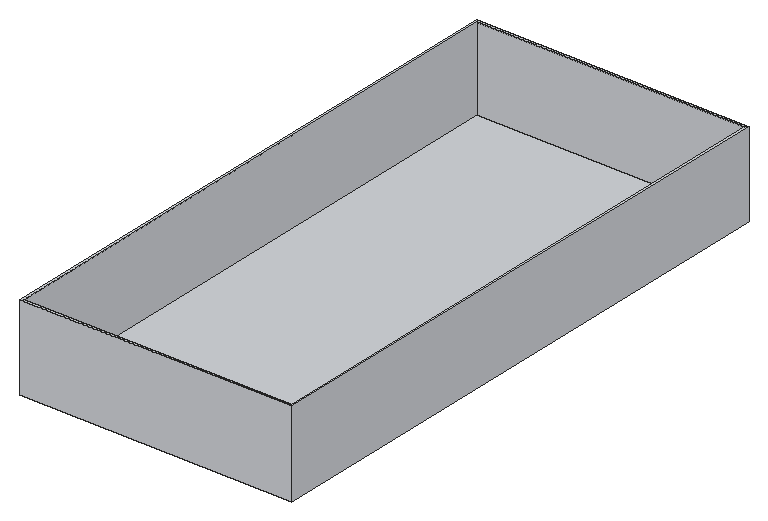
Revit family "Hager-VOLTA-Surface_mounted-IP30-Without_Cover-Without_DIN-Hosted-CH-it", category Electrical Equipment, host Face, Revit 2023
Family settings
  Host = Face
  Panel Configuration = Two Columns, Circuits Across
  Round Connector Dimension = Use Diameter
  Part Type = Panelboard
  Cut with Voids When Loaded = No
  Maintain Annotation Orientation = Yes
  Shared = No
  Room Calculation Point = No
Parameters (values of type "VOLTA-Surface_mounted_W305_H640_D96_12_Modular_Spacing-VA48MD")
  Width Control [instance] = if([HG000006-Flush mounted-it], if([EF000846 - larghezza di montaggio] > min_whd, [EF000846 - larghezza di montaggio], min_whd), if([EF000008 - larghezza] > min_whd, ([EF000008 - larghezza]), min_whd))  # 305 mm
  Void Depth [instance] = if([HG000006-Flush mounted-it], Depth Control, 1 mm)  # 1 mm
  Uniformat code = "D501001"
  Uniformat = "Low Tension Service & Dist."
  HGEF0002950-larghezza in unità di suddivisione = 12
  HGEF000266-Numero di file = 4
  HG000131 - Functional label [instance] = ""
  HG000130 - Functional name [instance] = ""
  Type Comments = ""
  System Height [instance] = Height Control - 2 * [HG000005-Thickness-it]  # 636 mm
  Reference description = ""
  Reference = "VOLTA-Surface_mounted_W305_H640_D96_12_Modular_Spacing-VA48MD"
  Object type = ""
  Name hager = "ADD_Enclosures_EC000214"
  Name BIM&CO = "Electricity"
  Name = "VOLTA-Surface_mounted-IP30-Without_Cover-Without_DIN-CH"
  Model = ""
  HG000099-Onfly Template ID-it-CH = "507532"
  HG000060-RAL-number = "9010"
  HG000059-Operating voltage-it-CH [instance] = 230 V
  HG000017-Distance between poles-it = 18 mm
  HG000016-Door 3D visibility-it = yes
  HG000015-Clearance visibility-it = yes
  HG000014-Door on the right-it = yes
  HG000013-Door on the left-it = no
  HG000012-Door swing angle-it = 90.00°
  HG000011-Empty rows from bottom-it = no
  HG000010-Asymmetric doors-it = no
  HG000009-Double swing door-it = no
  HG000008-Number of empty rows-it = 0
  HG000007-Number of empty columns-it = 0
  HG000006-Flush mounted-it = no
  HG000005-Thickness-it = 2 mm
  HG000004-Manufacturer reference-it = "VA48MD"
  HG000003-Range-it = "VOLTA"
  HG000002-with door or cover-it = no
  HG000001 - Numero di colonne = 0
  GTIN (Global Trade Item Number) = ""
  ETIM class name = "Small distribution board"
  ETIM class code = "EC000214"
  EF015941 - porta di trasmissione del segnale = no
  EF015777 - morsettiera a conduttore neutro = no
  EF015776 - morsetto di messa a terra = no
  EF009212 - tipo di coperchio = "con taglio"
  EF006306 - con serratura = no
  EF006244 - coperchio/porta trasparente = no
  EF005474 - grado di protezione (IP) = "IP30"
  EF004464 - tipo di porta = ""
  EF004462 - tipo di chiusura = ""
  EF002950 - numero di unità modulari = 12
  EF001596 - materiale della scatola = ""
  EF001134 - barra DIN = no
  EF001131 - profondità interna = 0 mm
  EF001088 - possibilità di applicazione = yes
  EF001062 - versione EMC = no
  EF000846 - larghezza di montaggio = 0 mm
  EF000339 - tipo di copertura = ""
  EF000332 - altezza di installazione = 0 mm
  EF000266 - numero di file = 4
  EF000218 - profondità di montaggio = 0 mm
  EF000118 - con piastra di montaggio = yes
  EF000116 - numero RAL = 9010
  EF000049 - profondità = 96 mm
  EF000040 - altezza = 640 mm
  EF000024 - resistente ai raggi UV = no
  EF000008 - larghezza = 305 mm
  EF000007 - colore = "bianco"
  EF000003 - modo di montaggio = "apparente"
  Creation Date = "12/15/2025 21:43:52"
  Code hager = "ADD-EC000214_EU"
  BIM&CO code = ""
  BC_VARIANT_ID = "1174158"
  BC_OBJECT_VERSION = "#9"  # constant formula
  BC_OBJECT_ID = "513473"  # constant formula
  BC_MODEL_ID = "1547149"  # constant formula
  Arrow Offset [instance] = Depth Control / 8  # 12 mm
  Arrow Height [instance] = Depth Control - Arrow Offset  # 84 mm
  Host Offset [instance] = if([HG000006-Flush mounted-it], 0 mm, [EF000049 - profondità])  # 96 mm
  min_whd [instance] = (2 * [HG000005-Thickness-it]) + 1 mm  # 5 mm
  Manufacturer = "Hager"  # constant formula
  Height Control [instance] = if([HG000006-Flush mounted-it], if([EF000332 - altezza di installazione] > min_whd, [EF000332 - altezza di installazione], min_whd), if([EF000040 - altezza] > min_whd, ([EF000040 - altezza]), min_whd))  # 640 mm
  Flush Mounted - Door Frame Width [instance] = if(([EF000040 - altezza] - [EF000332 - altezza di installazione]) > 0 mm, if([HG000006-Flush mounted-it], [EF000040 - altezza] - [EF000332 - altezza di installazione], 0 mm), 0 mm)  # 0 mm
  Depth Control [instance] = if([HG000006-Flush mounted-it], if([EF000218 - profondità di montaggio] > 0 mm, [EF000218 - profondità di montaggio], 1 mm), if([EF000049 - profondità] > 0 mm, ([EF000049 - profondità]), 1 mm))  # 96 mm
  Default Elevation = 0 mm
Reference planes
  plane 1 "Center (Front/Back)": y = 0
  plane 2: z = 0
  plane 3 "Center (Left/Right)": x = 0
  plane 4: z = 96
  plane 5: y = 2
  plane 6: z = 91
  plane 7: y = 320
  plane 8: y = 0
  plane 9: y = 640
  plane 10: z = 0
  plane 11: x = -152.5
  plane 12: x = 152.5
  plane 13: x = 150.5
  plane 14: x = -150.5
  plane 15: y = 638
  plane 16: z = 2
  plane 17: z = 94
  plane 18: z = -1
  plane 19: z = 94
  plane 20 "Annotation H": y = -100
  plane 21 "Annotation V": x = 452.5
Forms (mm)
  Extrusion 1, solid
    sketch origin (-583.045, 0, 1219.2) x (-1, 0, 0) y (0, 0, 1)
      loop
        line (-430.545, -1123.2) -> (-735.545, -1123.2) -> (-735.545, -1219.2) -> (-430.545, -1219.2) -> (-430.545, -1123.2)
    from 0 to 640 <- "Height Control"
  Extrusion 2, void
    sketch origin (-381.607, -4572, 96) x (0, -1, 0) y (-1, 0, 0)
      loop
        line (-5210, -231.107) -> (-5210, -532.107) -> (-4574, -532.107) -> (-4574, -231.107) -> (-5210, -231.107)
    from 0 to 94
  Extrusion 3, void
    sketch origin (0, 0, 0) x (1, 0, 0) y (0, 1, 0)
      loop
        line (-152.5, 0) -> (152.5, 0) -> (152.5, 640) -> (-152.5, 640) -> (-152.5, 0)
    from -1 to 1
  Extrusion 4, solid, detail levels coarse+medium
    sketch origin (-381.607, -4572, 96) x (-1, 0, 0) y (0, -1, 0)
      loop
        line (-231.107, -5210) -> (-231.107, -4574) -> (-532.107, -4574) -> (-532.107, -5210) -> (-231.107, -5210)
    from 0 to -2
Cuts and joins
  Extrusion 2 cuts Extrusion 1
Dimensions and locks
  plane 4 to plane 6 = 5 mm
  "Host Offset": plane 4 to host face
  "Flush Mounted - Door Frame Width": plane 1 "Center (Front/Back)" to plane 8
  "HG000005-Thickness-it": plane 5 to plane 8
  locked: connector elem to plane 3 "Center (Left/Right)"
  "Height Control": plane 9 to plane 8
  equal spacing: plane 9, plane 7, plane 8
  locked: connector elem to plane 7
  "Depth Control": plane 4 to plane 10
  "HG000005-Thickness-it": plane 11 to plane 14
  "HG000005-Thickness-it": plane 12 to plane 13
  equal spacing: plane 11, plane 3 "Center (Left/Right)", plane 12
  "Width Control": plane 11 to plane 12
  "Arrow Offset": nested 4 to plane 10
  "HG000005-Thickness-it": plane 9 to plane 15
  "HG000005-Thickness-it": plane 16 to plane 10
  "HG000005-Thickness-it": plane 4 to plane 17
  "Void Depth": plane 2 to plane 18
  "HG000005-Thickness-it": plane 4 to plane 19
  locked: plane 20 "Annotation H" to plane 1 "Center (Front/Back)" at 100
  locked: plane 12 to plane 21 "Annotation V" at 300
  aligned and locked: plane 2 to host face
  aligned and locked: level to host face
  aligned and locked: plane 3 "Center (Left/Right)" to nested 2
  aligned and locked: plane 4 to nested 2
  aligned and locked: nested 2 to plane 8
  aligned and locked: nested 1 to plane 6
  aligned and locked: plane 5 to nested 1
  aligned and locked: nested 4 to plane 11
  aligned and locked: nested 3 to plane 4
  aligned and locked: Extrusion 1 sketch curve to plane 12
  aligned and locked: Extrusion 1 sketch curve to plane 11
  aligned and locked: nested 3 to plane 10
  aligned and locked: plane 10 to Extrusion 1 sketch curve
  aligned and locked: plane 5 to Extrusion 2 sketch curve
  aligned and locked: Extrusion 2 sketch curve to plane 15
  aligned and locked: Extrusion 2 sketch curve to plane 14
  aligned and locked: Extrusion 2 sketch curve to plane 13
  aligned and locked: plane 11 to Extrusion 3 sketch curve
  aligned and locked: plane 9 to Extrusion 3 sketch curve
  aligned and locked: Extrusion 3 sketch curve to plane 8
  aligned and locked: plane 12 to Extrusion 3 sketch curve
  aligned and locked: nested 3 to plane 12
  aligned and locked: Extrusion 3 to plane 18
  aligned and locked: Extrusion 2 to plane 16
  aligned and locked: Extrusion 1 sketch curve to plane 4
  aligned and locked: Extrusion 4 to plane 17
  aligned and locked: Extrusion 4 sketch curve to plane 15
  aligned and locked: Extrusion 4 sketch curve to plane 13
  aligned and locked: Extrusion 4 sketch curve to plane 14
  aligned and locked: plane 5 to Extrusion 4 sketch curve
  aligned and locked: nested 5 to plane 21 "Annotation V"
  aligned and locked: plane 20 "Annotation H" to nested 5
Automatic sketch dimensions
  host sketch curve to host sketch curve = 1469.727 mm
  host sketch curve to host sketch curve = 1434.803 mm
Nested families
  nested 1: "Hager_Enclosure_System" at (0, 2, 91) x (1, 0, 0) z (0, 1, 0), Height <- "System Height", Width_Control <- "Width Control", Built-in_Width <- "EF000846 - larghezza di montaggio", Width <- "EF000008 - larghezza", Depth <- "HG000005-Thickness-it", Border <- "HG000005-Thickness-it", Distance_Between_Poles <- "HG000017-Distance between poles-it", Flush_Mounted <- "HG000006-Flush mounted-it", Empty_Columns <- "HG000007-Number of empty columns-it", Total_No_Empty_Rows <- "HG000008-Number of empty rows-it", Empty_Rows_From_Bottom <- "HG000011-Empty rows from bottom-it", Columns_Count <- "HG000001 - Numero di colonne", Rows_Count <- "HGEF000266-Numero di file", Row_Module_Multiplicator <- "HGEF0002950-larghezza in unità di suddivisione", type "Hager_Enclosure_System", detail levels fine
    with Width_Control 305 mm, Width 305 mm, Total_No_Rows 4, Total_No_Empty_Rows 0, Total_No_Columns 1, System_Width 301 mm, Rows_Count 4, Rows_Column 4, Row_Module_Multiplicator 12, Panel_4 no, Panel_3 no, Panel_2 no, Panel_1 no, No_Panels_Ctrl 1, Hide_Columns yes, Height 636 mm, Flush_Mounted no, Empty_Rows_From_Bottom no, Empty_Rows_Column 0, Empty_Columns 0, Empty column 4 0, Empty column 3 0, Empty column 2 0, Empty column 1 0, Distance_Between_Poles 18 mm, Depth 2 mm, Columns_Count 0, Column_Width 301 mm, Built-in_Width 0 mm, Border 2 mm
  nested 2: "Hager_Enclosure_Door" at (0, 0, 96) x (1, 0, 0) z (0, 1, 0), Height_Ctrl <- "Height Control", Width_Ctrl <- "Width Control", BuiltIn_Depth <- "EF000218 - profondità di montaggio", Depth <- "EF000049 - profondità", BuiltIn_Width <- "EF000846 - larghezza di montaggio", Height <- "EF000040 - altezza", BuiltIn_Height <- "EF000332 - altezza di installazione", Width <- "EF000008 - larghezza", Transparent <- "EF006244 - coperchio/porta trasparente", Border <- "HG000005-Thickness-it", Door <- "HG000002-with door or cover-it", Flush_Mounted <- "HG000006-Flush mounted-it", Double <- "HG000009-Double swing door-it", Assymetrical <- "HG000010-Asymmetric doors-it", Angle <- "HG000012-Door swing angle-it", Door_Left <- "HG000013-Door on the left-it", Door_Right <- "HG000014-Door on the right-it", Clearance <- "HG000015-Clearance visibility-it", 3d_Door <- "HG000016-Door 3D visibility-it", type "Hager_Enclosure_Door", detail levels medium+fine
    with min_wh 5 mm, Width_Ctrl 305 mm, Width 305 mm, Transparent_Door_No_Bottom_Border no, Transparent no, Leaf_Width 298 mm, Leaf_Tolerance 1.5 mm, Leaf_Height 633 mm, Leaf_2_Width 298 mm, Leaf_2_Offset 149 mm, Leaf_1_Width 298 mm, Leaf_1_Offset 149 mm, Height_Ctrl 640 mm, Height 640 mm, Frame_Width_Ctrl 305 mm, Frame_Width 305 mm, Frame_Internal_Offset 0 mm, Frame_Height_Ctrl 640 mm, Frame_Height 640 mm, Frame_Depth_Ctrl 1 mm, Frame_Depth 0 mm, Flush_Mounted no, Double_Clearance_Ctrl no, Double no, Door_Right_Ctrl no, Door_Right yes, Door_Left_Ctrl no, Door_Left no, Door no, Depth 96 mm, Clearance_Depth 298 mm, Clearance_Ctrl yes, Clearance yes, BuiltIn_Width 0 mm, BuiltIn_Height 0 mm, BuiltIn_Depth 0 mm, Border 2 mm, Assymetrical no, Angle 90.00°, 3d_Door yes
  nested 3: "Hager_Enclosure_Symbol_Triangle" at (-152.5, 0, 0) x (1, 0, 0) z (0, -1, 0), Depth <- "Depth Control", Width <- "Width Control", type "Hager_Enclosure_Symbol_Triangle"
    with Width_Ctrl 305 mm, Width 305 mm, Depth_Ctrl 96 mm, Depth 96 mm
  nested 4: "Hager_Enclosure_Symbol_Arrow" at (-152.5, 0, 12) x (1, 0, 0) z (0, -1, 0), Height <- "Arrow Height", type "Hager_Enclosure_Symbol_Arrow"
    with Width_Inside 6.3 mm, Width 75.6 mm, Height_Ctrl 84 mm, Height 84 mm
  nested 5: "Hager_Annotation-HG000130" at (452.5, -100, 0) x (-1, 0, 0) z (0, 0, 1), HG000130 - Functional name <- "HG000130 - Functional name", type "Hager_Annotation-HG000130"
    with HG000130 - Functional name ""
Connectors
  electrical at (0, 320, 0)
    settings: on plane 10, index 1, voltage 0 V, apparent load 0 VA, apparent load phase1 0 VA, apparent load phase2 0 VA, apparent load phase3 0 VA, power factor 1, load classification "Other", number of poles 1, system type 30, power factor state 1, is connector primary yes, connector utility no, sub classification motor no, connector description ""
Definition of nested family "Hager_Enclosure_Door"
  Parameters (values of type "Hager_Enclosure_Door")
    min_wh [instance] = (2 * Border) + 1 mm  # 11 mm
    Width_Ctrl [instance] = 400 mm
    Width [instance] = 500 mm
    Transparent_Door_No_Bottom_Border [instance] = no
    Transparent [instance] = yes
    Leaf_Width [instance] = if((Width_Ctrl - 2 * Border - 2 * Leaf_Tolerance) > 0 mm, (Width_Ctrl - 2 * Border - 2 * Leaf_Tolerance), min_wh)  # 387 mm
    Leaf_Tolerance [instance] = 1.5 mm  # constant formula
    Leaf_Height [instance] = if((Height_Ctrl - 2 * Border - 2 * Leaf_Tolerance) > 0 mm, (Height_Ctrl - 2 * Border - 2 * Leaf_Tolerance), min_wh)  # 387 mm
    Leaf_2_Width [instance] = if(and(and(Double, Assymetrical), Door_Left), (Leaf_Width / 3) - (Leaf_Tolerance / 2), if(and(and(Double, Assymetrical), Door_Right), (Leaf_Width / 3) * 2 - (Leaf_Tolerance / 2), if(and(Double, not(Assymetrical)), (Leaf_Width / 2) - Leaf_Tolerance, Leaf_Width)))  # 387 mm
    Leaf_2_Offset [instance] = if(and(Double, Assymetrical), Leaf_2_Width / 2, if(and(Double, not(Assymetrical)), Leaf_Width / 4, Leaf_Width / 2))  # 193.5 mm
    Leaf_1_Width [instance] = if(and(and(Double, Assymetrical), Door_Right), (Leaf_Width / 3) - (Leaf_Tolerance / 2), if(and(and(Double, Assymetrical), Door_Left), (Width / 3) * 2 - (Leaf_Tolerance / 2), if(and(Double, not(Assymetrical)), (Leaf_Width / 2) - Leaf_Tolerance, Leaf_Width)))  # 387 mm
    Leaf_1_Offset [instance] = if(and(Double, Assymetrical), Leaf_1_Width / 2, if(and(Double, not(Assymetrical)), Leaf_Width / 4, Leaf_Width / 2))  # 193.5 mm
    Height_Ctrl [instance] = 400 mm
    Height [instance] = 500 mm
    Frame_Width_Ctrl [instance] = if(Frame_Width > 0 mm, Frame_Width, 1 mm)  # 1 mm
    Frame_Width [instance] = Width - BuiltIn_Width  # 0 mm
    Frame_Internal_Offset [instance] = if(Flush_Mounted, Border, 0 mm)  # 5 mm
    Frame_Height_Ctrl [instance] = if(Frame_Height > 0 mm, Frame_Height, 1 mm)  # 1 mm
    Frame_Height [instance] = Height - BuiltIn_Height  # 0 mm
    Frame_Depth_Ctrl [instance] = if(Frame_Depth > 0 mm, Frame_Depth, 1 mm)  # 1 mm
    Frame_Depth [instance] = if(Depth - BuiltIn_Depth > 0 mm, if(Flush_Mounted, Depth - BuiltIn_Depth, 0 mm), 0 mm)  # 0 mm
    Flush_Mounted [instance] = yes
    Double_Clearance_Ctrl [instance] = and(Double, Clearance)  # no
    Double [instance] = no
    Door_Right_Ctrl [instance] = and(or(Door_Right, Double), Door)  # yes
    Door_Right [instance] = yes
    Door_Left_Ctrl [instance] = and(or(Door_Left, Double), Door)  # no
    Door_Left [instance] = no
    Door [instance] = yes
    Depth [instance] = 500 mm
    Default Elevation = 1219.2 mm
    Clearance_Material = none
    Clearance_Depth [instance] = if(Leaf_1_Width > Leaf_2_Width, Leaf_1_Width, Leaf_2_Width)  # 387 mm
    Clearance_Ctrl [instance] = and(not(Double), Clearance)  # yes
    Clearance [instance] = yes
    BuiltIn_Width [instance] = 500 mm
    BuiltIn_Height [instance] = 500 mm
    BuiltIn_Depth [instance] = 500 mm
    Border [instance] = 5 mm
    Assymetrical [instance] = yes
    Angle [instance] = 30.00°
    3d_Door [instance] = yes
  Reference planes
    plane 1 "Center (Front/Back)": y = 0
    plane 2 "Bottom": z = 0
    plane 3 "Center (Left/Right)": x = 0
    plane 4: z = 400
    plane 5: x = -200
    plane 6: x = 200
    plane 7: z = 395
    plane 8: x = -195
    plane 9: z = 5
    plane 10: x = 195
    plane 11: y = 0
    plane 12: z = 6.5
    plane 13: x = -582
    plane 14: y = -387
    plane 15: x = 582
    plane 16: x = 0
    plane 17: x = 0
    plane 18: x = -193.5
    plane 19: x = 193.5
    plane 20: z = 393.5
  Forms (mm)
    Extrusion 1, solid, visible <- "Flush_Mounted"
      sketch origin (0, 0, 0) x (1, 0, 0) y (0, 0, 1)
        loop
          line (195, 5) -> (195, 395) -> (-195, 395) -> (-195, 5) -> (195, 5)
        loop
          line (-201, 401) -> (-201, -1) -> (201, -1) -> (201, 401) -> (-201, 401)
      from 0 to 1 <- "Frame_Depth_Ctrl"
    Extrusion 2, solid, material <- "Clearance_Material", visible <- "Double_Clearance_Ctrl"
      sketch origin (1200, 0, 0) x (1, 0, 0) y (0, 0, -1)
        loop
          line (-1782, -393.5) -> (-618, -393.5) -> (-618, 0) -> (-1782, 0) -> (-1782, -393.5)
      from 0 to -387
  Dimensions and locks
    equal spacing: plane 5, plane 3 "Center (Left/Right)", plane 6
    "Width_Ctrl": plane 5 to plane 6
    "Border": plane 5 to plane 8
    "Border": plane 6 to plane 10
    "Border": plane 9 to level
    "Border": plane 4 to plane 7
    "Height_Ctrl": plane 4 to level
    "Leaf_Tolerance": plane 12 to plane 9
    "Frame_Depth": plane 11 to plane 1 "Center (Front/Back)"
    "Frame_Width_Ctrl": plane 5 to Extrusion 1 sketch curve
    "Frame_Width_Ctrl": plane 6 to Extrusion 1 sketch curve
    "Frame_Width_Ctrl": Extrusion 1 sketch curve to plane 4
    "Frame_Width_Ctrl": plane 2 "Bottom" to Extrusion 1 sketch curve
    "Leaf_1_Offset": plane 18 to plane 16
    "Leaf_2_Offset": plane 17 to plane 19
    "Leaf_1_Width": plane 13 to plane 8
    "Leaf_2_Width": plane 10 to plane 15
    "Clearance_Depth": plane 14 to plane 1 "Center (Front/Back)"
    "Leaf_Tolerance": plane 8 to plane 18
    "Leaf_Tolerance": plane 19 to plane 10
    "Leaf_Tolerance": plane 7 to plane 20
    "Frame_Internal_Offset": plane 5 to Extrusion 1 sketch curve
    "Frame_Internal_Offset": Extrusion 1 sketch curve to plane 2 "Bottom"
    "Frame_Internal_Offset": plane 6 to Extrusion 1 sketch curve
    "Frame_Internal_Offset": plane 4 to Extrusion 1 sketch curve
    aligned and locked: level to plane 2 "Bottom"
    aligned and locked: nested 1 to plane 16
    aligned and locked: nested 2 to plane 17
    aligned and locked: Extrusion 2 to plane 13
    aligned and locked: plane 15 to Extrusion 2
    aligned and locked: Extrusion 2 to plane 14
    aligned and locked: plane 12 to nested 1
    aligned and locked: nested 2 to plane 12
    aligned and locked: Extrusion 2 to plane 11
    aligned and locked: plane 20 to Extrusion 2
    aligned and locked: nested 2 to plane 11
    aligned and locked: nested 1 to plane 11
  Automatic sketch dimensions
    Extrusion 2 sketch curve to level = 0 mm
    plane 5 to Extrusion 2 sketch curve = 382 mm
    plane 6 to Extrusion 2 sketch curve = 382 mm
    Extrusion 2 sketch curve to plane 4 = 6.5 mm
  Nested families
    nested 1: "Hager_Enclosure_Door_Leaf" at (0, 0, 6.5), Width <- "Leaf_1_Width", visible <- "Door_Left_Ctrl", Leaf_Height <- "Leaf_Height", Angle <- "Angle", Depth <- "Border", 3d_Door <- "3d_Door", Transparent <- "Transparent", Clearance Material <- "Clearance_Material", Clearance <- "Clearance_Ctrl", Transparent_Door_No_Bottom_Border <- "Transparent_Door_No_Bottom_Border", type "Hager_Enclosure_Door_Leaf"
      with Width 387 mm, Transparent_Door_No_Bottom_Border no, Transparent_Door_Border_Bottom_Top 25 mm, Transparent_Door_Border 25 mm, Transparent_Ctrl yes, Transparent yes, Standard no, Leaf_Height 387 mm, Glass_Offset 1 mm, Depth 5 mm, Clearance Material none, Clearance yes, Angle_Ctrl 30.00°, Angle 30.00°, 3d_Door yes
    nested 2: "Hager_Enclosure_Door_Leaf" at (0, 0, 6.5) x (-1, 0, 0) z (0, 0, 1), Width <- "Leaf_2_Width", visible <- "Door_Right_Ctrl", Leaf_Height <- "Leaf_Height", Angle <- "Angle", Depth <- "Border", 3d_Door <- "3d_Door", Transparent <- "Transparent", Clearance Material <- "Clearance_Material", Clearance <- "Clearance_Ctrl", Transparent_Door_No_Bottom_Border <- "Transparent_Door_No_Bottom_Border", type "Hager_Enclosure_Door_Leaf"
      with Width 387 mm, Transparent_Door_No_Bottom_Border no, Transparent_Door_Border_Bottom_Top 25 mm, Transparent_Door_Border 25 mm, Transparent_Ctrl yes, Transparent yes, Standard no, Leaf_Height 387 mm, Glass_Offset 1 mm, Depth 5 mm, Clearance Material none, Clearance yes, Angle_Ctrl 30.00°, Angle 30.00°, 3d_Door yes
  Definition of nested family "Hager_Enclosure_Door_Leaf"
    Parameters (values of type "Hager_Enclosure_Door_Leaf")
      Width [instance] = 2000 mm
      Transparent_Door_No_Bottom_Border [instance] = yes
      Transparent_Door_Border_Bottom_Top [instance] = if(Transparent_Door_No_Bottom_Border, 0.1 mm, Transparent_Door_Border)  # 0.1 mm
      Transparent_Door_Border [instance] = if(Transparent_Door_No_Bottom_Border, (Width * 0.12), 25 mm)  # 240 mm
      Transparent_Ctrl [instance] = and(Transparent, [3d_Door])  # yes
      Transparent [instance] = yes
      Standard [instance] = and(not(Transparent), [3d_Door])  # no
      Leaf_Height [instance] = 2720.336 mm
      Glass_Offset [instance] = if((Depth - 10 mm) / 2 > 0 mm, (Depth - 10 mm) / 2, 1 mm)  # 15 mm
      Glass_Material = none
      Depth [instance] = 40 mm
      Default Elevation = 0 mm
      Clearance Material [instance] = none
      Clearance [instance] = yes
      Angle_Ctrl [instance] = if(Angle > 170.00°, 170.00°, Angle)  # 45.00°
      Angle [instance] = 45.00°
      3d_Door [instance] = yes
    Reference planes
      plane 1 "Center (Front/Back)": y = 0
      plane 2: z = 0
      plane 3 "Center (Left/Right)": x = 0
      plane 4: y = 2000
      plane 5: x = -1000
      plane 6: x = 1000
      plane 7: x = -3000
      plane 8: z = 2720.336
      plane 9: z = 0.1
      plane 10: z = 2720.236
      plane 11: x = 760
      plane 12: x = -760
    Forms (mm)
      Extrusion 1, solid, material <- "Clearance Material", visible <- "Clearance"
        sketch origin (0, 0, 0) x (1, 0, 0) y (0, 0, 1)
          loop
            line (-3000, 2720.336) -> (-3000, 0) -> (1000, 0) -> (1000, 2720.336) -> (-3000, 2720.336)
        from 0 to -2000
      Extrusion 2, solid, visible <- "Standard", detail levels medium+fine
        sketch origin (-1000, 0, 0) x (0.707107, 0.707107, 0) y (-0.707107, 0.707107, 0)
          loop
            line (0, -40) -> (2000, -40) -> (2000, 0) -> (0, 0) -> (0, -40)
        from 0 to 2720.336 <- "Leaf_Height"
      Extrusion 3, solid, visible <- "Transparent_Ctrl", detail levels medium+fine
        sketch origin (-1000, 0, 0) x (0.707107, 0.707107, 0) y (-0.707107, 0.707107, 0)
          loop
            line (0, -40) -> (2000, -40) -> (2000, 0) -> (0, 0) -> (0, -40)
        from 0 to 2720.336 <- "Leaf_Height"
      Extrusion 4, void, detail levels medium+fine
        sketch origin (-1000, 0, 0) x (-0.707107, 0.707107, 0) y (0.707107, 0.707107, 0)
          loop
            line (0, 240) -> (0, 1760) -> (-40, 1760) -> (-40, 240) -> (0, 240)
        from -2720.236 to -0.1
      Extrusion 5, solid, material <- "Glass_Material", visible <- "Transparent_Ctrl", detail levels medium+fine
        sketch origin (-1000, 0, 0) x (0.707107, 0.707107, 0) y (-0.707107, 0.707107, 0)
          loop
            line (240, -15) -> (240, -25) -> (1760, -25) -> (1760, -15) -> (240, -15)
        from 0.1 to 2720.236
    Cuts and joins
      Extrusion 4 cuts Extrusion 3
    Lines and regions (mm)
      symbolic lines
        curve 1: line (1000, 0, 0) -> (-3000, 0, 0)
        curve 2: arc (1000, 0, 0) -> (-1000, 2000, 0) -> (-3000, 0, 0) r 2000
        curve 4: line (-1000, 0, 0) -> (414.214, 1414.214, 0)
      reference lines
        curve 3: line (-1000, 0, 0) -> (414.214, 1414.214, 0)
      symbolic lines, detail levels medium+fine
        curve 5: line (414.214, 1414.214, 0) -> (442.498, 1385.929, 0)
        curve 6: line (442.498, 1385.929, 0) -> (-971.716, -28.284, 0)
        curve 7: line (-971.716, -28.284, 0) -> (-1000, 0, 0)
        curve 8: line (-1000, 0, 2720.336) -> (1000, 0, 2720.336)
        curve 9: line (-1000, 0, 0) -> (-1000, 0, 2720.336)
        curve 10: line (1000, 0, 0) -> (-1000, 0, 0)
        curve 11: line (1000, 0, 2720.336) -> (1000, 0, 0)
      symbolic lines, visible <- "Transparent_Ctrl", detail levels medium+fine
        curve 12: line (-760, 0, 2720.236) -> (760, 0, 2720.236)
        curve 13: line (-760, 0, 0.1) -> (-760, 0, 2720.236)
        curve 14: line (760, 0, 0.1) -> (-760, 0, 0.1)
        curve 15: line (760, 0, 2720.236) -> (760, 0, 0.1)
    Dimensions and locks
      "Width": plane 1 "Center (Front/Back)" to plane 4
      equal spacing: plane 5, plane 3 "Center (Left/Right)", plane 6
      "Width": plane 5 to plane 6
      "Width": plane 7 to plane 5
      "Leaf_Height": plane 8 to level
      "Depth": curve 6 to curve 3
      "Width": curve 5 to curve 3
      "Width": curve 3 to curve 3
      "Transparent_Door_Border": Extrusion 4 sketch curve to curve 7
      "Transparent_Door_Border": Extrusion 4 sketch curve to curve 5
      "Transparent_Door_Border_Bottom_Top": plane 8 to plane 10
      "Transparent_Door_Border_Bottom_Top": plane 9 to level
      "Glass_Offset": Extrusion 5 sketch curve to curve 4
      "Glass_Offset": Extrusion 5 sketch curve to curve 6
      "Transparent_Door_Border": Extrusion 5 sketch curve to curve 5
      "Transparent_Door_Border": Extrusion 5 sketch curve to curve 7
      "Transparent_Door_Border": plane 12 to plane 5
      "Transparent_Door_Border": plane 6 to plane 11
      "Angle_Ctrl": angle plane 1 "Center (Front/Back)" to curve 3
      aligned and locked: level to plane 2
      aligned and locked: Extrusion 1 to curve 1
      aligned and locked: plane 6 to Extrusion 1
      aligned and locked: Extrusion 1 to plane 1 "Center (Front/Back)"
      aligned and locked: plane 4 to Extrusion 1
      aligned and locked: plane 8 to Extrusion 1
      aligned and locked: curve 4 to curve 3
      aligned and locked: Extrusion 2 sketch curve to curve 7
      aligned and locked: Extrusion 2 sketch curve to curve 6
      aligned and locked: Extrusion 2 sketch curve to curve 5
      aligned and locked: Extrusion 2 sketch curve to curve 3
      aligned and locked: curve 7 to Extrusion 3 sketch curve
      aligned and locked: Extrusion 3 sketch curve to curve 4
      aligned and locked: Extrusion 3 sketch curve to curve 6
      aligned and locked: Extrusion 3 sketch curve to curve 5
      aligned and locked: curve 4 to Extrusion 4 sketch curve
      aligned and locked: curve 6 to Extrusion 4 sketch curve
      aligned and locked: Extrusion 4 to plane 9
      aligned and locked: Extrusion 4 to plane 10
      aligned and locked: Extrusion 5 to plane 9
      aligned and locked: Extrusion 5 to plane 10
      aligned and locked: curve 8 to plane 8
      aligned and locked: plane 5 to curve 9
      aligned and locked: plane 2 to curve 10
      aligned and locked: curve 11 to plane 6
      aligned and locked: plane 10 to curve 12
      aligned and locked: plane 12 to curve 13
      aligned and locked: curve 14 to plane 9
      aligned and locked: plane 11 to curve 15
    Automatic sketch dimensions
      plane 1 "Center (Front/Back)" to curve 2 = 0 mm
      curve 2 to plane 5 = 0 mm
      Extrusion 1 sketch curve to level = 0 mm
      Extrusion 1 sketch curve to plane 7 = 0 mm
      Extrusion 1 sketch curve to plane 6 = 0 mm
      Extrusion 1 sketch curve to plane 8 = 0 mm
      plane 1 "Center (Front/Back)" to curve 3 = 0 mm
      curve 3 to plane 5 = 0 mm
      curve 7 to curve 3 = 0 mm
Definition of nested family "Hager_Enclosure_Symbol_Triangle"
  Parameters (values of type "Hager_Enclosure_Symbol_Triangle")
    Width_Ctrl [instance] = if(Width > 1 mm, Width, 1 mm)  # 498 mm
    Width [instance] = 498 mm
    Depth_Ctrl [instance] = if(Depth > 1 mm, Depth, 1 mm)  # 72 mm
    Depth [instance] = 72 mm
  Reference planes
    plane 1 "Centre (avant/arrière)": y = 0
    plane 2: z = 0
    plane 3 "Centre (gauche/droite)": x = 0
  Lines and regions (mm)
    Filled region 1, type "Solid_Black", in view "Niveau de réf."
      outline origin (0, 0, 0) x (1, 0, 0) y (0, 1, 0)
        loop
          line (0, 0) -> (498, 0) -> (498, 72) -> (0, 0)
    reference lines, in view "Niveau de réf."
      curve 1: line (-206.153, 72, 0) -> (1083.258, 72, 0)
      curve 2: line (498, 405.456, 0) -> (498, -517.619, 0)
  Dimensions and locks
    "Depth_Ctrl": plane 1 "Centre (avant/arrière)" to curve 1
    "Width_Ctrl": plane 3 "Centre (gauche/droite)" to curve 2
    aligned and locked: curve 1 to Filled region 1 sketch curve
    aligned and locked: Filled region 1 sketch curve to plane 1 "Centre (avant/arrière)"
    aligned and locked: curve 2 to Filled region 1 sketch curve
    aligned and locked: plane 3 "Centre (gauche/droite)" to Filled region 1 sketch curve
    aligned and locked: plane 1 "Centre (avant/arrière)" to Filled region 1 sketch curve
  Automatic sketch dimensions
    curve 1 to plane 3 "Centre (gauche/droite)" = 206.153 mm
    curve 2 to curve 1 = 585.258 mm
    plane 1 "Centre (avant/arrière)" to curve 2 = 517.619 mm
    curve 2 to plane 1 "Centre (avant/arrière)" = 405.456 mm
Definition of nested family "Hager_Enclosure_Symbol_Arrow"
  Parameters (values of type "Hager_Enclosure_Symbol_Arrow")
    Width_Inside [instance] = if(Width / 12 > 2 mm, Width / 12, 2 mm)  # 4.987 mm
    Width [instance] = if(Height_Ctrl * 0.9 > 2 mm, Height_Ctrl * 0.9, 2 mm)  # 59.85 mm
    Height_Ctrl [instance] = if(Height > 2 mm, Height, 2 mm)  # 66.5 mm
    Height [instance] = 66.5 mm
  Reference planes
    plane 1 "Centre (avant/arrière)": y = 0
    plane 2: z = 0
    plane 3 "Centre (gauche/droite)": x = 0
    plane 4: x = 59.85
    plane 5: y = 28.263
    plane 6: y = 38.238
    plane 7: y = 66.5
    plane 8: x = 29.925
    plane 9: y = 33.25
  Lines and regions (mm)
    Filled region 1, type "Solid_Black", in view "Niveau de réf."
      outline origin (0, 0, 0) x (1, 0, 0) y (0, 1, 0)
        loop
          line (59.85, 66.5) -> (37.929, 52.827) -> (51.846, 41.935) -> (59.85, 66.5)
    detail lines, in view "Niveau de réf."
      curve 1: line (0, 0, 0) -> (29.925, 38.238, 0)
      curve 2: line (29.925, 38.238, 0) -> (29.925, 28.263, 0)
      curve 3: line (29.925, 28.263, 0) -> (59.85, 66.5, 0)
  Dimensions and locks
    "Width": plane 3 "Centre (gauche/droite)" to plane 4
    "Height_Ctrl": plane 7 to plane 1 "Centre (avant/arrière)"
    equal spacing: plane 3 "Centre (gauche/droite)", plane 8, plane 4
    equal spacing: plane 7, plane 9, plane 1 "Centre (avant/arrière)"
    equal spacing: plane 6, plane 9, plane 5
    "Width_Inside": plane 6 to plane 9
    equal spacing: curve 3, Filled region 1 sketch curve, Filled region 1 sketch curve
    angle Filled region 1 sketch curve to curve 3 = 20.00°
    angle curve 3 to Filled region 1 sketch curve = 20.00°
    locked: curve 3 to Filled region 1 sketch curve (angle 90.00°)
  Automatic sketch dimensions
    plane 1 "Centre (avant/arrière)" to curve 1 = 0 mm
    curve 1 to plane 3 "Centre (gauche/droite)" = 0 mm
    curve 2 to plane 6 = 0 mm
    curve 3 to plane 8 = 0 mm
    curve 3 to plane 4 = 0 mm
    curve 2 to plane 5 = 0 mm
    curve 3 to plane 7 = 0 mm
    Filled region 1 sketch curve to plane 4 = 0 mm
    Filled region 1 sketch curve to plane 7 = 0 mm
Definition of nested family "Hager_Annotation-HG000130"
  Parameters (values of type "Hager_Annotation-HG000130")
    HG000130 - Functional name [instance] = ""
  Reference planes
    plane 1: y = 0
    plane 2: x = 0
  Lines and regions (mm)
    detail lines
      curve 1: line (-27.5, 10, 0) -> (27.5, 10, 0)
      curve 2: line (-27.5, -10, 0) -> (-27.5, 10, 0)
      curve 3: line (27.5, -10, 0) -> (-27.5, -10, 0)
      curve 4: line (27.5, 10, 0) -> (27.5, -10, 0)
  Text (mm)
    label "HG000130 - Functional name" at (0.16, 0.026, 0), shows "HG000130 - Functional name"
